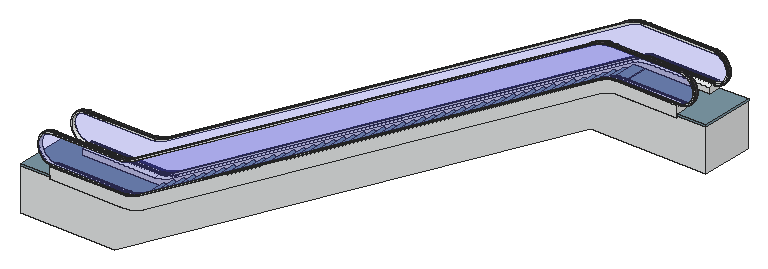
Revit family "Escalator", category Generic Models, Revit 2026
Family settings
  Can host rebar = No
  Round Connector Dimension = Use Diameter
  Part Type = Normal
  Work Plane-Based = No
  Always vertical = Yes
  Cut with Voids When Loaded = No
  Maintain Annotation Orientation = No
  Shared = No
  Room Calculation Point = No
Parameters (values of type "30° H=7500 800W")
  踏步高差 = 296 mm / cos(角度 - 10.00°) * sin(角度)  # 157.498 mm
  踏步水平间距 = 296 mm / cos(角度 - 10.00°) * cos(角度)  # 272.795 mm
  踏步段总长 = 踏步水平间距 * (踏步数 - 1)  # 12821.369 mm
  踏步材质 = 踏步
  踏步数 = 层高 / 踏步高差 + 0.5  # 48
  角度 = 30.00°
  箱体材质 = 不锈钢
  梯净宽 = 800 mm
  桁架高 = 900 mm
  工作长度 = 层高 / tan(角度)  # 12990.381 mm
  层高 = 7500 mm
  剖切高度 [instance] = 1450 mm
  下部机箱长 = 2850 mm
  下部机箱深 = 1200 mm
  上部机箱长 = 2850 mm
  上部机箱深 = 1200 mm
  a = (180.00° - 角度) / 2  # 75.00°
  XX [instance] = (X + 2) * 踏步水平间距  # 3273.541 mm
  X [instance] = 剖切高度 / 踏步高差 + 0.5  # 10
  Keynote = ""
  Default Elevation = 0 mm
  Assembly Code = ""
Types (5, lengths in mm): name | 踏步段总长 | 踏步数 | 工作长度 | 层高 | 下部机箱长 | 下部机箱深 | 上部机箱长 | 上部机箱深 | Keynote
  30° H=7500 800W | 12821.369 | 48 | 12990.381 | 7500 | 2850 | 1200 | 2850 | 1200 | ""
  30° H=7550 800 | 12821.369 | 48 | 13076.984 | 7550 | 2869 | 1200 | 2869 | 1200 | ""
  30° H=5200 | 9002.237 | 34 | 9006.664 | 5200 | 2450 | 1200 | 2450 | 1200 | ""
  30° H=7550 | 12821.369 | 48 | 13076.984 | 7550 | 2220 | 1050 | 2170 | 1050 | ""
  30° H=7500 | 12821.369 | 48 | 12990.381 | 7500 | 2220 | 1050 | 2170 | 1050 | "RLG-1"
Reference planes
  plane 1 "中心(前/后)": y = 0
  plane 2: z = 0
  plane 3 "中心(左/右)": x = 5196.152
  plane 4 "右": x = 11691.343
  plane 5: y = 400
  plane 6: y = -400
  plane 7: z = 7500
  plane 8: through (-1257.242, 0, 24.131) normal (-0.5, 0, 0.866)
  plane 9: x = 11418.548
  plane 10: z = 7342.502
  plane 11: x = -1130.026
  plane 12: y = 720
  plane 13: y = -720
  plane 14: through (-807.242, 0, -755.292) normal (-0.5, 0, 0.866)
  plane 15: x = -4149.038
  plane 16: x = 14541.343
  plane 17: z = -1200
  plane 18: z = 6300
  plane 19: through (-1157.242, 0, -149.074) normal (-0.5, 0, 0.866)
  plane 20: y = 620
  plane 21: y = -620
  plane 22: z = 200
  plane 23: z = 7700
  plane 24: z = 950
  plane 25: z = 8450
  plane 26: through (-1682.242, 0, 760.253) normal (-0.5, 0, 0.866)
  plane 27: x = -3349.038
  plane 28: x = 13741.343
  plane 29: through (-1307.242, 0, 110.734) normal (-0.5, 0, 0.866)
  plane 30 "左": x = -1299.038
Forms (mm)
  Extrusion 1, solid, material "不锈钢" <- "箱体材质"
    sketch origin (0, 0, 0) x (1, 0, 0) y (0, 0, 1)
      loop
        line (-4149.038, -50) -> (-4149.038, -1200) -> (-1577.499, -1200) -> (11412.882, 6300) -> (14541.343, 6300) -> (14541.343, 7450) -> (14491.343, 7450) -> (14491.343, 6350) -> (11399.485, 6350) -> (-1590.897, -1150) -> (-4099.038, -1150) -> (-4099.038, -50) -> (-4149.038, -50)
    from -620 to 620
  Extrusion 2, solid, material "不锈钢" <- "箱体材质"
    sketch origin (0, 0, 0) x (1, 0, 0) y (0, 0, 1)
      loop
        line (-4149.038, -1200) -> (-1577.499, -1200) -> (11412.882, 6300) -> (14541.343, 6300) -> (14541.343, 7450) -> (13741.343, 7450) -> (13741.343, 7400) -> (12132.497, 7400)
        arc (12132.497, 7400) -> (11925.442, 7372.741) -> (11732.497, 7292.82) r 800
        line (11732.497, 7292.82) -> (-816.987, 47.372)
        arc (-816.987, 47.372) -> (-1082.286, -62.518) -> (-1366.987, -100) r 1100
        line (-1366.987, -100) -> (-3349.038, -100) -> (-3349.038, -50) -> (-4149.038, -50) -> (-4149.038, -1200)
    from -720 to -620
  Extrusion 3, solid, material "不锈钢" <- "箱体材质"
    sketch origin (0, 0, 0) x (1, 0, 0) y (0, 0, 1)
      loop
        line (-4149.038, -1200) -> (-1577.499, -1200) -> (11412.882, 6300) -> (14541.343, 6300) -> (14541.343, 7450) -> (13741.343, 7450) -> (13741.343, 7400) -> (12132.497, 7400)
        arc (12132.497, 7400) -> (11925.442, 7372.741) -> (11732.497, 7292.82) r 800
        line (11732.497, 7292.82) -> (-816.987, 47.372)
        arc (-816.987, 47.372) -> (-1082.286, -62.518) -> (-1366.987, -100) r 1100
        line (-1366.987, -100) -> (-3349.038, -100) -> (-3349.038, -50) -> (-4149.038, -50) -> (-4149.038, -1200)
    from 620 to 720
  Sweep 4, solid, material "不锈钢" <- "箱体材质"
    path origin (0, 0, 0) x (1, 0, 0) y (0, 0, 1)
      loop
        line (-3349.038, 200) -> (-1366.987, 200)
        arc (-1366.987, 200) -> (-1159.932, 227.259) -> (-966.987, 307.18) r 800
        line (-966.987, 307.18) -> (11582.497, 7552.628)
        arc (11582.497, 7552.628) -> (11847.796, 7662.518) -> (12132.497, 7700) r 1100
        line (12132.497, 7700) -> (13741.343, 7700)
    profile origin (-2358.013, 0, 200) x (0, 0, 1) y (0, -1, 0)
      loop
        line (-300, -720) -> (0, -720) -> (0, -670) -> (-60, -670) -> (-60, -570) -> (0, -570) -> (0, -545) -> (-54.848, -400) -> (-300, -400) -> (-300, -720)
      loop
        line (-300, 720) -> (-300, 400) -> (-54.848, 400) -> (0, 495) -> (0, 520) -> (-60, 520) -> (-60, 670) -> (0, 670) -> (0, 720) -> (-300, 720)
  Extrusion 5, solid, material "踏步" <- "踏步材质"
    sketch origin (0, 0, 0) x (1, 0, 0) y (0, 1, 0)
      loop
        line (-4149.038, 720) -> (-4149.038, -720) -> (-3349.038, -720) -> (-3349.038, -400) -> (-1130.026, -400) -> (-1130.026, 400) -> (-3349.038, 400) -> (-3349.038, 720) -> (-4149.038, 720)
    from 0 to -50
  Extrusion 6, solid, material "踏步" <- "踏步材质"
    sketch origin (-724.829, 0, 7500) x (-1, 0, 0) y (0, -1, 0)
      loop
        line (-12716.172, -400) -> (-12716.172, 400) -> (-14466.172, 400) -> (-14466.172, 720) -> (-15266.172, 720) -> (-15266.172, -720) -> (-14466.172, -720) -> (-14466.172, -400) -> (-12716.172, -400)
    from 0 to -50
  Extrusion 7, solid, material "玻璃"
    sketch origin (-1201.958, 720, 1200) x (-1, 0, 0) y (0, 0, 1)
      loop
        arc (2147.08, -1000) -> (2522.08, -625) -> (2147.08, -250) r 375
        line (2147.08, -250) -> (365.991, -250)
        arc (365.991, -250) -> (158.936, -222.741) -> (-34.009, -142.82) r 800
        line (-34.009, -142.82) -> (-12583.493, 7102.628)
        arc (-12583.493, 7102.628) -> (-12848.793, 7212.518) -> (-13133.493, 7250) r 1100
        line (-13133.493, 7250) -> (-14943.301, 7250)
        arc (-14943.301, 7250) -> (-15318.301, 6875) -> (-14943.301, 6500) r 375
        line (-14943.301, 6500) -> (-13334.455, 6500)
        arc (-13334.455, 6500) -> (-13049.754, 6462.518) -> (-12784.455, 6352.628) r 1100
        line (-12784.455, 6352.628) -> (-234.971, -892.82)
        arc (-234.971, -892.82) -> (-42.026, -972.741) -> (165.029, -1000) r 800
        line (165.029, -1000) -> (2147.08, -1000)
    from -110 to -90
  Sweep 8, solid, material "不锈钢" <- "箱体材质"
    path origin (0, 0, 0) x (1, 0, 0) y (0, 0, 1)
      loop
        line (-1567.949, 950) -> (-3349.038, 950)
        arc (-3349.038, 950) -> (-3724.038, 575) -> (-3349.038, 200) r 375
        line (-3349.038, 200) -> (-1366.987, 200)
        arc (-1366.987, 200) -> (-1159.932, 227.259) -> (-966.987, 307.18) r 800
        line (-966.987, 307.18) -> (11582.497, 7552.628)
        arc (11582.497, 7552.628) -> (11847.796, 7662.518) -> (12132.497, 7700) r 1100
        line (12132.497, 7700) -> (13741.343, 7700)
        arc (13741.343, 7700) -> (14116.343, 8075) -> (13741.343, 8450) r 375
        line (13741.343, 8450) -> (11931.535, 8450)
        arc (11931.535, 8450) -> (11646.834, 8412.518) -> (11381.535, 8302.628) r 1100
        line (11381.535, 8302.628) -> (-1167.949, 1057.18)
        arc (-1167.949, 1057.18) -> (-1360.894, 977.259) -> (-1567.949, 950) r 800
    profile origin (-2458.494, 0, 950) x (0, 0, -1) y (0, -1, 0)
      loop
        line (0, -520) -> (-30, -520) -> (-30, -535.342) -> (-39.884, -535.342)
        arc (-39.884, -535.342) -> (-47.077, -538.321) -> (-50.056, -545.514) r 10.172
        line (-50.056, -545.514) -> (-50.056, -594.981)
        arc (-50.056, -594.981) -> (-47.118, -602.075) -> (-40.023, -605.014) r 10.033
        line (-40.023, -605.014) -> (-30, -605.014) -> (-30, -620) -> (0, -620) -> (0, -520)
      loop
        line (0, 520) -> (0, 620) -> (-30, 620) -> (-30, 605) -> (-40, 605)
        arc (-40, 605) -> (-47.071, 602.071) -> (-50, 595) r 10
        line (-50, 595) -> (-50, 545)
        arc (-50, 545) -> (-47.071, 537.929) -> (-40, 535) r 10
        line (-40, 535) -> (-30, 535) -> (-30, 520) -> (0, 520)
  Extrusion 9, solid, material "玻璃"
    sketch origin (-1201.958, -720, 1200) x (-1, 0, 0) y (0, 0, -1)
      loop
        line (2147.08, 1000) -> (165.029, 1000)
        arc (165.029, 1000) -> (-42.026, 972.741) -> (-234.971, 892.82) r 800
        line (-234.971, 892.82) -> (-12784.455, -6352.628)
        arc (-12784.455, -6352.628) -> (-13049.754, -6462.518) -> (-13334.455, -6500) r 1100
        line (-13334.455, -6500) -> (-14943.301, -6500)
        arc (-14943.301, -6500) -> (-15318.301, -6875) -> (-14943.301, -7250) r 375
        line (-14943.301, -7250) -> (-13133.493, -7250)
        arc (-13133.493, -7250) -> (-12848.793, -7212.518) -> (-12583.493, -7102.628) r 1100
        line (-12583.493, -7102.628) -> (-34.009, 142.82)
        arc (-34.009, 142.82) -> (158.936, 222.741) -> (365.991, 250) r 800
        line (365.991, 250) -> (2147.08, 250)
        arc (2147.08, 250) -> (2522.08, 625) -> (2147.08, 1000) r 375
    from -110 to -90
Cuts and joins
  joined: Extrusion 1, Extrusion 2, Extrusion 3
Lines and regions (mm)
  Masking region 1
    outline origin (0, 0, 0) x (1, 0, 0) y (0, 1, 0)
      loop
        line (2436.755, 720) -> (-1056.485, 720) -> (-1056.485, 400) -> (943.515, 400) -> (943.515, -400) -> (-1056.485, -400) -> (-1056.485, -720) -> (2143.515, -720) -> (2278.647, -56.413) -> (2363.627, -14.966) -> (2216.643, 14.966) -> (2301.623, 56.413) -> (2436.755, 720)
  reference lines
    curve 1: line (-1353.59, 0, 950) -> (-1741.818, 0, 2398.889)
    curve 2: line (11837.753, 0, 7700) -> (12044.808, 0, 6927.259)
    curve 3: line (2143.515, -2597.705, 0) -> (2143.515, 2502.295, 0)
  symbolic lines
    curve 4: line (-1056.485, 620, 0) -> (2416.391, 620, 0)
    curve 5: line (-1056.485, 605.014, 0) -> (2413.339, 605.014, 0)
    curve 6: line (-1056.485, 535.342, 0) -> (2399.151, 535.342, 0)
    curve 7: line (-1056.485, 520, 0) -> (2396.027, 520, 0)
    curve 8: line (-1056.485, 495, 0) -> (2390.936, 495, 0)
    curve 9: line (-1056.485, 400, 0) -> (2371.591, 400, 0)
    curve 10: line (-1056.485, -620, 0) -> (2163.879, -620, 0)
    curve 11: line (-1056.485, -605, 0) -> (2166.934, -605, 0)
    curve 12: line (-1056.485, -535, 0) -> (2181.188, -535, 0)
    curve 13: line (-1056.485, -520, 0) -> (2184.243, -520, 0)
    curve 14: line (-1056.485, -495, 0) -> (2189.334, -495, 0)
    curve 15: line (-1056.485, -400, 0) -> (2208.68, -400, 0)
    curve 16: line (2143.515, 400, 0) -> (2143.515, -400, 0)
    curve 17: line (1870.72, 400, 0) -> (1870.72, -400, 0)
    curve 18: line (1597.925, 400, 0) -> (1597.925, -400, 0)
    curve 19: line (1325.13, 400, 0) -> (1325.13, -400, 0)
    curve 20: line (1052.335, 400, 0) -> (1052.335, -400, 0)
Dimensions and locks
  equal spacing: plane 6, plane 1 "中心(前/后)", plane 5
  "梯净宽": plane 6 to plane 5
  "层高": plane 7 to plane 2
  "踏步水平间距": plane 4 "右" to plane 9
  equal spacing: group 48, group 47, group 46, group 45, group 44, group 43, group 42, group 41, group 40, group 39, group 38, group 37, group 36, group 35, group 34, group 33, group 32, group 31, group 30, group 29, group 28, group 27, group 26, group 25, group 24, group 23, group 22, group 21, group 20, group 19, group 18, group 17, group 16, group 15, group 14, group 13, group 12, group 11, group 10, group 9, group 8, group 7, group 6, group 5, group 4, group 3, group 2, group 1  (x2)
  equal spacing: group 1, group 2, group 3, group 4, group 5, group 6, group 7, group 8, group 9, group 10, group 11, group 12, group 13, group 14, group 15, group 16, group 17, group 18, group 19, group 20, group 21, group 22, group 23, group 24, group 25, group 26, group 27, group 28, group 29, group 30, group 31, group 32, group 33, group 34, group 35, group 36, group 37, group 38, group 39, group 40, group 41, group 42, group 43, group 44, group 45, group 46, group 47, group 48
  "踏步高差": plane 7 to plane 10
  "踏步段总长": plane 11 to plane 4 "右"
  plane 12 to plane 20 to plane 5 = 100 mm locked, 220 mm locked
  plane 13 to plane 21 to plane 6 = 100 mm locked, 220 mm locked
  "桁架高": plane 8 to plane 14
  "下部机箱长": plane 30 "左" to plane 15
  "上部机箱长": plane 16 to plane 4 "右"
  "上部机箱深": plane 7 to plane 18
  "下部机箱深": plane 2 to plane 17
  plane 26 to plane 29 to plane 8 to plane 19 = 750 mm locked, 100 mm locked, 200 mm locked
  plane 24 to plane 22 to plane 2 = 750 mm locked, 200 mm locked
  plane 25 to plane 23 to plane 7 = 750 mm locked, 200 mm locked
  locked: plane 27 to plane 15 at 800
  locked: plane 16 to plane 28 at 800
  locked: plane 22 to Sweep 4 sketch curve at 300  (x2)
  plane 4 "右" to Extrusion 6 sketch curve = 300 mm
  equal spacing: Sweep 4 sketch curve, curve 1, Sweep 4 sketch curve
  plane 7 to Extrusion 3 sketch curve = 100 mm
  locked: plane 2 to Extrusion 3 sketch curve at 100
  equal spacing: Sweep 4 sketch curve, curve 2, Sweep 4 sketch curve
  equal spacing: Extrusion 3 sketch curve, curve 1, Extrusion 3 sketch curve
  locked: Extrusion 2 sketch curve to plane 2 at 100
  equal spacing: Extrusion 2 sketch curve, curve 1, Extrusion 2 sketch curve
  equal spacing: Sweep 8 sketch curve, curve 2, Sweep 8 sketch curve  (x2)
  equal spacing: Sweep 8 sketch curve, curve 1, Sweep 8 sketch curve  (x2)
  equal spacing: Extrusion 7 sketch curve, curve 2, Extrusion 7 sketch curve  (x2)
  equal spacing: Extrusion 7 sketch curve, curve 1, Extrusion 7 sketch curve  (x2)
  Sweep 8 sketch curve to Sweep 8 sketch curve to Sweep 8 sketch curve to Sweep 8 sketch curve = 15 mm, 70 mm, 15 mm
  Sweep 8 sketch curve to Sweep 8 sketch curve to Sweep 8 sketch curve to Sweep 8 sketch curve = 15.342 mm, 69.672 mm, 14.986 mm
  equal spacing: Extrusion 9 sketch curve, curve 2, Extrusion 9 sketch curve  (x2)
  equal spacing: Extrusion 9 sketch curve, curve 1, Extrusion 9 sketch curve  (x2)
  plane 4 "右" to Extrusion 5 = 12821.369 mm
  "工作长度": plane 30 "左" to plane 4 "右"
  equal spacing: plane 30 "左", plane 3 "中心(左/右)", plane 4 "右"
  locked: Sweep 8 sketch curve to plane 24 at 800
  locked: Sweep 8 sketch curve to plane 26 at 800
  locked: Sweep 8 sketch curve to plane 22 at 800
  locked: Sweep 8 sketch curve to plane 29 at 800
  locked: plane 26 to Sweep 8 sketch curve at 1100
  locked: plane 25 to Sweep 8 sketch curve at 1100
  locked: plane 23 to Sweep 8 sketch curve at 1100
  locked: plane 29 to Sweep 8 sketch curve at 1100
  locked: plane 25 to Extrusion 9 sketch curve at 1100
  locked: plane 26 to Extrusion 9 sketch curve at 1100
  locked: plane 23 to Extrusion 9 sketch curve at 1100
  locked: plane 29 to Extrusion 9 sketch curve at 1100
  locked: Extrusion 9 sketch curve to plane 24 at 800
  locked: Extrusion 9 sketch curve to plane 26 at 800
  locked: Extrusion 9 sketch curve to plane 22 at 800
  locked: Extrusion 9 sketch curve to plane 29 at 800
  locked: Extrusion 7 sketch curve to plane 24 at 800
  locked: Extrusion 7 sketch curve to plane 26 at 800
  locked: Extrusion 7 sketch curve to plane 29 at 800
  locked: Extrusion 7 sketch curve to plane 22 at 800
  locked: plane 25 to Extrusion 7 sketch curve at 1100
  locked: plane 26 to Extrusion 7 sketch curve at 1100
  locked: plane 29 to Extrusion 7 sketch curve at 1100
  locked: plane 23 to Extrusion 7 sketch curve at 1100
  locked: plane 23 to Sweep 4 sketch curve at 1100
  locked: plane 29 to Sweep 4 sketch curve at 1100
  locked: Sweep 4 sketch curve to plane 22 at 800
  locked: Sweep 4 sketch curve to plane 29 at 800
  locked: Extrusion 3 sketch curve to plane 22 at 800
  locked: Extrusion 3 sketch curve to plane 29 at 800
  locked: Extrusion 2 sketch curve to plane 22 at 800
  locked: Extrusion 2 sketch curve to plane 29 at 800
  locked: plane 7 to Extrusion 2 sketch curve at 100
  "XX": plane 11 to curve 3
  Masking region 1 sketch curve to curve 3 = 3200 mm
  "踏步水平间距": curve 17 to curve 3
  "踏步水平间距": curve 18 to curve 17
  "踏步水平间距": curve 19 to curve 18
  locked: plane 7 to Extrusion 3 sketch curve at 900
  locked: plane 19 to Extrusion 3 sketch curve at 800
  equal spacing: Extrusion 3 sketch curve, curve 2, Extrusion 3 sketch curve
  locked: plane 19 to Extrusion 2 sketch curve at 800
  Extrusion 2 sketch curve to plane 7 = 900 mm
  equal spacing: Extrusion 2 sketch curve, curve 2, Extrusion 2 sketch curve
  Extrusion 1 sketch curve to plane 14 = 50 mm
  Extrusion 1 sketch curve to plane 18 = 50 mm
  Extrusion 1 sketch curve to plane 17 = 50 mm
  Extrusion 1 sketch curve to plane 15 = 50 mm
  plane 16 to Extrusion 1 sketch curve = 50 mm
  Masking region 1 sketch curve to curve 3 = 1200 mm
  "踏步水平间距": curve 20 to curve 19
  Masking region 1 sketch curve to Masking region 1 sketch curve to Masking region 1 sketch curve = 75 mm, 75 mm
  radius of Sweep 4 sketch curve = 800 mm
  radius of Sweep 4 sketch curve = 1100 mm
  radius of Extrusion 3 sketch curve = 1100 mm
  radius of Extrusion 2 sketch curve = 1100 mm
  radius of Sweep 8 sketch curve = 1100 mm  (x2)
  radius of Sweep 8 sketch curve = 800 mm  (x2)
  radius of Extrusion 7 sketch curve = 1100 mm  (x2)
  radius of Extrusion 7 sketch curve = 800 mm  (x2)
  radius of Extrusion 9 sketch curve = 1100 mm  (x2)
  radius of Extrusion 9 sketch curve = 800 mm  (x2)
  radius of Extrusion 3 sketch curve = 800 mm
  radius of Extrusion 2 sketch curve = 800 mm
  "角度": angle plane 2 to plane 8
  "a": angle curve 1 to plane 24
  "a": angle curve 2 to plane 23
  locked: Masking region 1 sketch curve to curve 3 (angle 11.5103°)
  aligned and locked: level to plane 2
  aligned and locked: nested 1 to plane 7
  aligned and locked: plane 4 "右" to nested 1
  aligned and locked: nested 2 to plane 10
  aligned and locked: plane 9 to nested 2
  aligned and locked: Extrusion 2 to plane 12
  aligned and locked: Extrusion 2 to plane 20
  aligned and locked: Extrusion 3 to plane 13
  aligned and locked: Extrusion 3 to plane 21
  aligned and locked: Extrusion 1 to plane 20
  aligned and locked: Extrusion 1 to plane 21
  aligned and locked: plane 27 to Sweep 4 sketch curve
  aligned and locked: Sweep 4 sketch curve to plane 22
  aligned and locked: Sweep 4 sketch curve to plane 13
  aligned and locked: plane 6 to Sweep 4 sketch curve
  aligned and locked: Sweep 4 sketch curve to plane 5
  aligned and locked: plane 12 to Sweep 4 sketch curve
  aligned and locked: Extrusion 5 to plane 11
  aligned and locked: level to Extrusion 5
  aligned and locked: Extrusion 7 sketch curve to plane 24
  aligned and locked: Extrusion 7 sketch curve to plane 23
  aligned and locked: Sweep 8 sketch curve to plane 22
  aligned and locked: Sweep 8 sketch curve to plane 25
  aligned and locked: plane 20 to Sweep 8 sketch curve
  aligned and locked: Sweep 8 sketch curve to plane 21
  aligned and locked: Extrusion 9 sketch curve to plane 24
  aligned and locked: Extrusion 9 sketch curve to plane 23
  aligned and locked: curve 3 to Masking region 1 sketch curve
  aligned and locked: curve 16 to curve 3
  aligned and locked: Masking region 1 to curve 4  (x2)
  aligned and locked: Masking region 1 to curve 5  (x2)
  aligned and locked: Masking region 1 to curve 6  (x2)
  aligned and locked: Masking region 1 to curve 7  (x2)
  aligned and locked: Masking region 1 to curve 8  (x2)
  aligned and locked: Masking region 1 to curve 9  (x2)
  aligned and locked: Masking region 1 to curve 15
  aligned and locked: Masking region 1 to curve 14
  aligned and locked: Masking region 1 to curve 13
  aligned and locked: Masking region 1 to curve 12
  aligned and locked: Masking region 1 to curve 11
  aligned and locked: Masking region 1 to curve 10  (x2)
  aligned and locked: plane 15 to Extrusion 5 sketch curve
  aligned and locked: Extrusion 5 sketch curve to plane 12
  aligned and locked: plane 13 to Extrusion 5 sketch curve
  aligned and locked: plane 12 to Extrusion 6 sketch curve
  aligned and locked: Extrusion 6 sketch curve to plane 16
  aligned and locked: Extrusion 6 sketch curve to plane 13
  aligned and locked: Extrusion 1 sketch curve to Extrusion 5
  aligned and locked: Extrusion 6 to Extrusion 1 sketch curve
  aligned and locked: Masking region 1 sketch curve to Masking region 1 sketch curve  (x2)
  aligned and locked: curve 15 to Masking region 1
  aligned and locked: curve 14 to Masking region 1
  aligned and locked: curve 13 to Masking region 1
  aligned and locked: curve 12 to Masking region 1
  aligned and locked: curve 11 to Masking region 1
Automatic sketch dimensions
  curve 1 to plane 24 = 0 mm
  curve 1 to plane 26 = 0 mm
  curve 2 to plane 23 = 0 mm
  curve 2 to plane 29 = 0 mm
  Sweep 4 sketch curve to plane 28 = 0 mm
  Extrusion 7 sketch curve to plane 28 = 0 mm
  Extrusion 7 sketch curve to plane 27 = 0 mm
  Sweep 8 sketch curve to plane 27 = 0 mm
  Sweep 8 sketch curve to plane 28 = 0 mm
  Extrusion 9 sketch curve to plane 28 = 0 mm
  Extrusion 9 sketch curve to plane 27 = 0 mm
  plane 13 to curve 3 = 1877.705 mm
  plane 12 to curve 3 = 1782.295 mm
  Extrusion 3 sketch curve to plane 15 = 0 mm
  Extrusion 3 sketch curve to plane 27 = 0 mm
  Extrusion 3 sketch curve to plane 14 = 0 mm  (x2)
  Extrusion 3 sketch curve to plane 17 = 0 mm
  Extrusion 3 sketch curve to plane 18 = 0 mm
  Extrusion 3 sketch curve to plane 28 = 0 mm
  Extrusion 3 sketch curve to plane 16 = 0 mm
  Extrusion 3 sketch curve to Extrusion 3 sketch curve = 50 mm  (x2)
  curve 10 to plane 21 = 0 mm
  curve 4 to plane 20 = 0 mm
  curve 11 to plane 21 = 15 mm
  curve 11 to curve 12 = 14.255 mm
  curve 12 to curve 13 = 3.055 mm
  curve 13 to curve 14 = 5.091 mm
  plane 5 to curve 8 = 95 mm
  curve 8 to curve 7 = 5.091 mm
  curve 7 to curve 6 = 3.124 mm
  curve 5 to plane 20 = 14.986 mm
  Extrusion 1 sketch curve to plane 15 = 0 mm
  Extrusion 1 sketch curve to plane 14 = 0 mm  (x2)
  Extrusion 1 sketch curve to plane 17 = 0 mm
  Extrusion 1 sketch curve to plane 18 = 0 mm
  Extrusion 1 sketch curve to plane 16 = 0 mm
  Extrusion 2 sketch curve to plane 15 = 0 mm
  Extrusion 2 sketch curve to plane 27 = 0 mm
  Extrusion 2 sketch curve to plane 14 = 0 mm  (x2)
  Extrusion 2 sketch curve to plane 17 = 0 mm
  Extrusion 2 sketch curve to plane 18 = 0 mm
  Extrusion 2 sketch curve to plane 28 = 0 mm
  Extrusion 2 sketch curve to plane 16 = 0 mm
  Extrusion 2 sketch curve to level = 50 mm
  Extrusion 2 sketch curve to plane 7 = 50 mm
  Sweep 4 sketch curve to profile plane = 0 mm  (x4)
  profile plane to Sweep 4 sketch curve = 60 mm  (x2)
  profile plane to Sweep 4 sketch curve = 54.848 mm  (x2)
  Sweep 4 sketch curve to Sweep 4 sketch curve = 50 mm  (x2)
  Sweep 4 sketch curve to Sweep 4 sketch curve = 100 mm
  Sweep 4 sketch curve to Sweep 4 sketch curve = 25 mm  (x2)
  Sweep 4 sketch curve to Sweep 4 sketch curve = 95 mm
  Extrusion 5 sketch curve to plane 5 = 0 mm
  Extrusion 5 sketch curve to plane 27 = 0 mm  (x2)
  Extrusion 5 sketch curve to plane 11 = 0 mm
  Extrusion 5 sketch curve to plane 6 = 0 mm
  Extrusion 6 sketch curve to plane 28 = 0 mm  (x2)
  Extrusion 6 sketch curve to plane 6 = 0 mm
  Extrusion 6 sketch curve to plane 5 = 0 mm
  Sweep 8 sketch curve to profile plane = 0 mm  (x2)
  profile plane to Sweep 8 sketch curve = 30 mm  (x4)
  Sweep 8 sketch curve to Sweep 8 sketch curve = 9.884 mm
  Sweep 8 sketch curve to Sweep 8 sketch curve = 10 mm  (x3)
  Sweep 8 sketch curve to Sweep 8 sketch curve = 10.023 mm
  Sweep 8 sketch curve to Sweep 8 sketch curve = 10.172 mm
  curve 15 to plane 6 = 0 mm
  curve 9 to plane 5 = 0 mm
  Masking region 1 sketch curve to plane 12 = 0 mm
  Masking region 1 sketch curve to plane 13 = 0 mm
  Masking region 1 sketch curve to plane 6 = 0 mm
  Masking region 1 sketch curve to plane 5 = 0 mm
  Masking region 1 sketch curve to plane 1 "中心(前/后)" = 14.966 mm
  plane 1 "中心(前/后)" to Masking region 1 sketch curve = 56.413 mm
  Masking region 1 sketch curve to plane 1 "中心(前/后)" = 56.413 mm
  plane 1 "中心(前/后)" to Masking region 1 sketch curve = 14.966 mm
Nested families
  nested 1: "扶梯踏步" at (11691.343, 0, 7500), type "扶梯踏步"
    with 宽度 800 mm
  nested 2: "扶梯踏步" at (11418.548, 0, 7342.502), type "扶梯踏步"
    with 宽度 800 mm
  nested 3: "扶梯踏步" at (11145.753, 0, 7185.003), type "扶梯踏步"
    with 宽度 800 mm
  nested 4: "扶梯踏步" at (10872.958, 0, 7027.505), type "扶梯踏步"
    with 宽度 800 mm
  nested 5: "扶梯踏步" at (10600.163, 0, 6870.007), type "扶梯踏步"
    with 宽度 800 mm
  nested 6: "扶梯踏步" at (10327.368, 0, 6712.508), type "扶梯踏步"
    with 宽度 800 mm
  nested 7: "扶梯踏步" at (10054.572, 0, 6555.01), type "扶梯踏步"
    with 宽度 800 mm
  nested 8: "扶梯踏步" at (9781.777, 0, 6397.512), type "扶梯踏步"
    with 宽度 800 mm
  nested 9: "扶梯踏步" at (9508.982, 0, 6240.014), type "扶梯踏步"
    with 宽度 800 mm
  nested 10: "扶梯踏步" at (9236.187, 0, 6082.515), type "扶梯踏步"
    with 宽度 800 mm
  nested 11: "扶梯踏步" at (8963.392, 0, 5925.017), type "扶梯踏步"
    with 宽度 800 mm
  nested 12: "扶梯踏步" at (8690.597, 0, 5767.519), type "扶梯踏步"
    with 宽度 800 mm
  nested 13: "扶梯踏步" at (8417.802, 0, 5610.02), type "扶梯踏步"
    with 宽度 800 mm
  nested 14: "扶梯踏步" at (8145.007, 0, 5452.522), type "扶梯踏步"
    with 宽度 800 mm
  nested 15: "扶梯踏步" at (7872.212, 0, 5295.024), type "扶梯踏步"
    with 宽度 800 mm
  nested 16: "扶梯踏步" at (7599.417, 0, 5137.525), type "扶梯踏步"
    with 宽度 800 mm
  nested 17: "扶梯踏步" at (7326.622, 0, 4980.027), type "扶梯踏步"
    with 宽度 800 mm
  nested 18: "扶梯踏步" at (7053.827, 0, 4822.529), type "扶梯踏步"
    with 宽度 800 mm
  nested 19: "扶梯踏步" at (6781.032, 0, 4665.03), type "扶梯踏步"
    with 宽度 800 mm
  nested 20: "扶梯踏步" at (6508.237, 0, 4507.532), type "扶梯踏步"
    with 宽度 800 mm
  nested 21: "扶梯踏步" at (6235.441, 0, 4350.034), type "扶梯踏步"
    with 宽度 800 mm
  nested 22: "扶梯踏步" at (5962.646, 0, 4192.535), type "扶梯踏步"
    with 宽度 800 mm
  nested 23: "扶梯踏步" at (5689.851, 0, 4035.037), type "扶梯踏步"
    with 宽度 800 mm
  nested 24: "扶梯踏步" at (5417.056, 0, 3877.539), type "扶梯踏步"
    with 宽度 800 mm
  nested 25: "扶梯踏步" at (5144.261, 0, 3720.041), type "扶梯踏步"
    with 宽度 800 mm
  nested 26: "扶梯踏步" at (4871.466, 0, 3562.542), type "扶梯踏步"
    with 宽度 800 mm
  nested 27: "扶梯踏步" at (4598.671, 0, 3405.044), type "扶梯踏步"
    with 宽度 800 mm
  nested 28: "扶梯踏步" at (4325.876, 0, 3247.546), type "扶梯踏步"
    with 宽度 800 mm
  nested 29: "扶梯踏步" at (4053.081, 0, 3090.047), type "扶梯踏步"
    with 宽度 800 mm
  nested 30: "扶梯踏步" at (3780.286, 0, 2932.549), type "扶梯踏步"
    with 宽度 800 mm
  nested 31: "扶梯踏步" at (3507.491, 0, 2775.051), type "扶梯踏步"
    with 宽度 800 mm
  nested 32: "扶梯踏步" at (3234.696, 0, 2617.552), type "扶梯踏步"
    with 宽度 800 mm
  nested 33: "扶梯踏步" at (2961.901, 0, 2460.054), type "扶梯踏步"
    with 宽度 800 mm
  nested 34: "扶梯踏步" at (2689.105, 0, 2302.556), type "扶梯踏步"
    with 宽度 800 mm
  nested 35: "扶梯踏步" at (2416.31, 0, 2145.057), type "扶梯踏步"
    with 宽度 800 mm
  nested 36: "扶梯踏步" at (2143.515, 0, 1987.559), type "扶梯踏步"
    with 宽度 800 mm
  nested 37: "扶梯踏步" at (1870.72, 0, 1830.061), type "扶梯踏步"
    with 宽度 800 mm
  nested 38: "扶梯踏步" at (1597.925, 0, 1672.563), type "扶梯踏步"
    with 宽度 800 mm
  nested 39: "扶梯踏步" at (1325.13, 0, 1515.064), type "扶梯踏步"
    with 宽度 800 mm
  nested 40: "扶梯踏步" at (1052.335, 0, 1357.566), type "扶梯踏步"
    with 宽度 800 mm
  nested 41: "扶梯踏步" at (779.54, 0, 1200.068), type "扶梯踏步"
    with 宽度 800 mm
  nested 42: "扶梯踏步" at (506.745, 0, 1042.569), type "扶梯踏步"
    with 宽度 800 mm
  nested 43: "扶梯踏步" at (233.95, 0, 885.071), type "扶梯踏步"
    with 宽度 800 mm
  nested 44: "扶梯踏步" at (-38.845, 0, 727.573), type "扶梯踏步"
    with 宽度 800 mm
  nested 45: "扶梯踏步" at (-311.64, 0, 570.074), type "扶梯踏步"
    with 宽度 800 mm
  nested 46: "扶梯踏步" at (-584.435, 0, 412.576), type "扶梯踏步"
    with 宽度 800 mm
  nested 47: "扶梯踏步" at (-857.231, 0, 255.078), type "扶梯踏步"
    with 宽度 800 mm
  nested 48: "扶梯踏步" at (-1130.026, 0, 97.579), type "扶梯踏步"
    with 宽度 800 mm
Definition of nested family "扶梯踏步"
  Parameters
    踏步材质 = none
    宽度 = 600 mm
    Default Elevation = 0 mm
  Reference planes
    plane 1 "中心(前/后)": y = 0
    plane 2: z = 0
    plane 3 "中心(左/右)": x = 0
    plane 4: y = 300
    plane 5: y = -300
    plane 6: x = 300
    plane 7: z = -250
  Forms (mm)
    Extrusion 1, solid, material <- "踏步材质"
      sketch origin (0, 0, 0) x (1, 0, 0) y (0, 0, 1)
        loop
          line (0, 0) -> (44.082, -250) -> (74.545, -250) -> (35.753, -30) -> (305.29, -30) -> (300, 0) -> (0, 0)
      from -300 to 300
  Dimensions and locks
    equal spacing: plane 5, plane 1 "中心(前/后)", plane 4
    "宽度": plane 5 to plane 4
    locked: plane 6 to plane 3 "中心(左/右)" at 300
    locked: level to plane 7 at 250
    locked: Extrusion 1 sketch curve to Extrusion 1 sketch curve (angle 80.00°)  (x2)
    aligned and locked: plane 5 to Extrusion 1
    aligned and locked: plane 4 to Extrusion 1
    aligned and locked: plane 7 to Extrusion 1 sketch curve
  Automatic sketch dimensions
    Extrusion 1 sketch curve to level = 0 mm
    Extrusion 1 sketch curve to plane 3 "中心(左/右)" = 0 mm
    Extrusion 1 sketch curve to plane 6 = 0 mm
    plane 3 "中心(左/右)" to Extrusion 1 sketch curve = 35.753 mm
    Extrusion 1 sketch curve to Extrusion 1 sketch curve = 30.463 mm
    Extrusion 1 sketch curve to level = 30 mm
